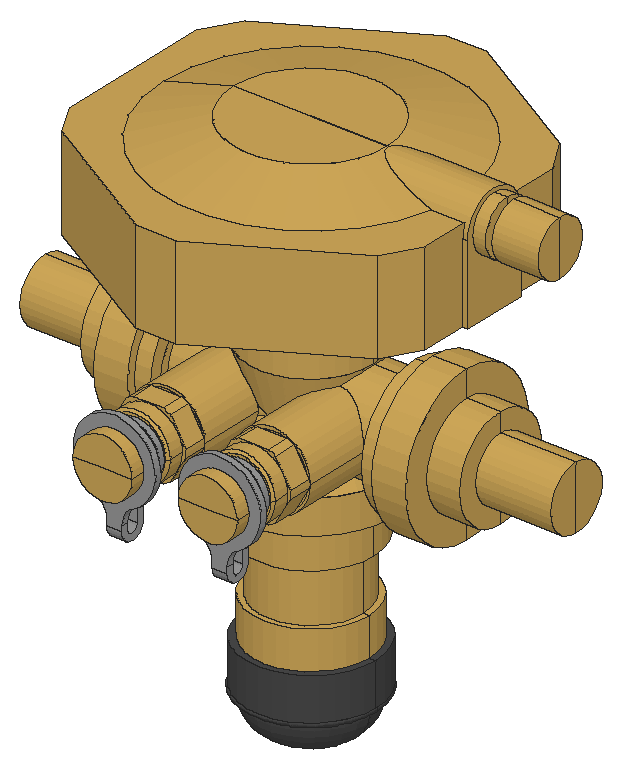
Revit family "Комби-клапан – регулятор расхода 4001", category Rohrzubehör, Revit 2018 (continued)
Definition of nested family "Messstutzen_Band_Austritt"
  Parameters (values of type "Messstutzen_Band_Austritt")
    Schutzkappe [instance] = yes
    Nennweite [instance] = 0.000 mm
    Manufacturer = "Herz Armaturen GmbH"  # constant formula
    Gewicht [instance] = 0.00 kg
    Bestellnummer [instance] = 0
  Reference planes
    plane 1 "Mitte (Vorne/hinten)": y = 0
    plane 2: z = 0
    plane 3 "Mitte (Links/rechts)": x = 0
    plane 4 "Schlaufe 1": y = -27
    plane 5 "Schlaufe 2": y = -31.678
  Forms (mm)
    Revolve 1, solid, detail levels fine
      sketch origin (0, 0, 0) x (1, 0, 0) y (0, 1, 0)
        loop
          line (-7.4, -9) -> (-7.4, -16.5)
          arc (-7.4, -16.5) -> (-7.693, -17.207) -> (-8.4, -17.5) r 1
          line (-8.4, -17.5) -> (-2, -17.5) -> (-2, 0) -> (-5.555, 0) -> (-6.455, -0.9) -> (-6.455, -4.681) -> (-5.843, -5.293)
          arc (-5.843, -5.293) -> (-5.626, -5.617) -> (-5.55, -6) r 1
          line (-5.55, -6) -> (-5.55, -9) -> (-7.4, -9)
        loop
          line (-3.7, -27) -> (-3.7, -30.45) -> (-4.415, -30.863) -> (-4.415, -35.19) -> (-3.805, -35.8) -> (-2, -35.8) -> (-2, -23) -> (-7.9, -23) -> (-7.9, -26.4) -> (-7.3, -27) -> (-3.7, -27)
        axis (0, 0) -> (0, -35.8)
      angle from 0 to 360
    Extrusion 2, solid, detail levels fine
      sketch origin (0, -17.5, 0) x (-1, 0, 0) y (0, 0, -1)
        loop
          line (5.156, -7.07) -> (8.7, -0.93)
          arc (8.7, -0.93) -> (8.75, 0) -> (8.7, 0.93) r 8.75
          line (8.7, 0.93) -> (5.156, 7.07)
          arc (5.156, 7.07) -> (4.375, 7.578) -> (3.544, 8) r 8.75
          line (3.544, 8) -> (-3.544, 8)
          arc (-3.544, 8) -> (-4.375, 7.578) -> (-5.156, 7.07) r 8.75
          line (-5.156, 7.07) -> (-8.7, 0.93)
          arc (-8.7, 0.93) -> (-8.75, 0) -> (-8.7, -0.93) r 8.75
          line (-8.7, -0.93) -> (-5.156, -7.07)
          arc (-5.156, -7.07) -> (-4.375, -7.578) -> (-3.544, -8) r 8.75
          line (-3.544, -8) -> (3.544, -8)
          arc (3.544, -8) -> (4.375, -7.578) -> (5.156, -7.07) r 8.75
      from 0 to 5.5
    Revolve 3, solid, visible <- "Schutzkappe", detail levels fine
      sketch origin (0, 0, 0) x (1, 0, 0) y (0, 1, 0)
        loop
          line (0, -35.878) -> (-3.805, -35.878) -> (-4.415, -35.268) -> (-4.415, -30.178) -> (-6.9, -30.178) -> (-6.9, -31.678) -> (-6.1, -31.678) -> (-6.1, -33.378) -> (-7, -33.378) -> (-7, -36.678) -> (0, -36.678) -> (0, -35.878)
        axis (0, -30.178) -> (0, -36.678)
      angle from 0 to 360
    Extrusion 4, solid, detail levels fine
      sketch origin (0, -27, 0) x (0, 0, -1) y (-1, 0, 0)
        loop
          circle (0, 0) r 3.7
        loop
          arc (5.505, 3.906) -> (-6.75, 0) -> (5.505, -3.906) r 6.75
          arc (5.505, -3.906) -> (7.288, -2.358) -> (9.582, -1.8) r 5
          line (9.582, -1.8) -> (9.582, 1.8)
          arc (9.582, 1.8) -> (7.288, 2.358) -> (5.505, 3.906) r 5
      from 0 to -1.5
    Extrusion 5, solid, detail levels fine
      sketch origin (0, -31.678, 0) x (0, 0, -1) y (-1, 0, 0)
        loop
          circle (0, 0) r 6.1
        loop
          arc (8.652, 4.495) -> (-9.75, 0) -> (8.652, -4.495) r 9.75
          arc (8.652, -4.495) -> (10.493, -2.527) -> (13.089, -1.8) r 5
          line (13.089, -1.8) -> (13.089, 1.8)
          arc (13.089, 1.8) -> (10.493, 2.527) -> (8.652, 4.495) r 5
      from 0 to -1.5
    Sweep 6, solid, detail levels fine
      path origin (0, 0, 0) x (0, 1, 0) y (0, 0, 1)
        loop
          line (-27.75, -9.582) -> (-27.75, -14.522)
          arc (-27.75, -14.522) -> (-30.089, -16.862) -> (-32.428, -14.522) r 2.339
          line (-32.428, -14.522) -> (-32.428, -13.089)
      profile origin (0, -27.75, -12.052) x (1, 0, 0) y (0, 1, 0)
        loop
          line (-1.8, 0.75) -> (-1.8, -0.75) -> (1.8, -0.75) -> (1.8, 0.75) -> (-1.8, 0.75)
  Cuts and joins
    joined: Extrusion 4, Extrusion 5, Sweep 6
  Dimensions and locks
    aligned and locked: level to plane 2
